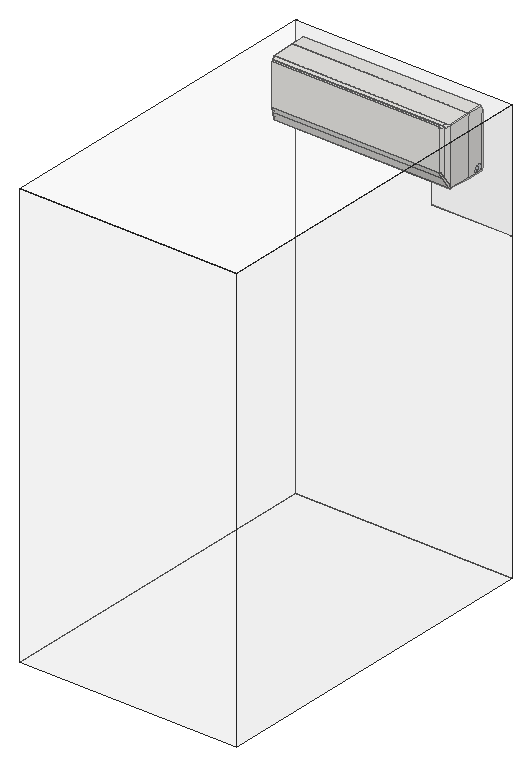
Revit family "pk-rp28la6_112ka22_60hz", category 機械設備, Revit 2023 (continued)
Definition of nested family "pk-rp_la3"
  Automatic sketch dimensions
    Extrusion 1 sketch curve to Extrusion 1 sketch curve = 2.282 mm
    Extrusion 1 sketch curve to Extrusion 1 sketch curve = 1.509 mm
    Extrusion 1 sketch curve to plane 10 "Fkidasi_Z" = 2.669 mm
    Extrusion 1 sketch curve to Extrusion 1 sketch curve = 3.53 mm
    Extrusion 1 sketch curve to Extrusion 1 sketch curve = 0.245 mm
    Extrusion 1 sketch curve to plane 10 "Fkidasi_Z" = 0.212 mm
    Extrusion 1 sketch curve to Extrusion 1 sketch curve = 11.126 mm
    Extrusion 1 sketch curve to Extrusion 1 sketch curve = 11.355 mm
    plane 10 "Fkidasi_Z" to Extrusion 1 sketch curve = 0.239 mm
    Extrusion 1 sketch curve to Extrusion 1 sketch curve = 0.886 mm
    Extrusion 1 sketch curve to Extrusion 1 sketch curve = 14.099 mm
    Extrusion 1 sketch curve to Extrusion 1 sketch curve = 0.981 mm  (x3)
    Extrusion 1 sketch curve to plane 2 = 91.302 mm
    plane 6 "UNDER" to Extrusion 1 sketch curve = 3.179 mm
    Extrusion 1 sketch curve to Extrusion 1 sketch curve = 2.631 mm
    Extrusion 1 sketch curve to Extrusion 1 sketch curve = 10.856 mm
    Extrusion 1 sketch curve to plane 10 "Fkidasi_Z" = 10.968 mm
    Extrusion 1 sketch curve to Extrusion 1 sketch curve = 1.969 mm
    Extrusion 1 sketch curve to plane 10 "Fkidasi_Z" = 1.653 mm
    Extrusion 1 sketch curve to plane 10 "Fkidasi_Z" = 0.674 mm
    Extrusion 1 sketch curve to Extrusion 1 sketch curve = 0.182 mm
    plane 10 "Fkidasi_Z" to Extrusion 1 sketch curve = 19.962 mm
    plane 10 "Fkidasi_Z" to Extrusion 1 sketch curve = 45.88 mm
    Extrusion 1 sketch curve to Extrusion 1 sketch curve = 9.288 mm
    Extrusion 1 sketch curve to Extrusion 1 sketch curve = 1.712 mm
    Extrusion 1 sketch curve to Extrusion 1 sketch curve = 2.453 mm
    Extrusion 1 sketch curve to Extrusion 1 sketch curve = 1.702 mm
    Extrusion 1 sketch curve to Extrusion 1 sketch curve = 0.58 mm
    Extrusion 1 sketch curve to Extrusion 1 sketch curve = 1.434 mm
    Extrusion 1 sketch curve to level = 23.558 mm
    Extrusion 1 sketch curve to Extrusion 1 sketch curve = 8.081 mm
    Extrusion 1 sketch curve to Extrusion 1 sketch curve = 4.288 mm
    Extrusion 1 sketch curve to Extrusion 1 sketch curve = 0.784 mm
    Extrusion 1 sketch curve to Extrusion 1 sketch curve = 0 mm
    Extrusion 1 sketch curve to Extrusion 1 sketch curve = 1.627 mm
    Extrusion 1 sketch curve to Extrusion 1 sketch curve = 0.002 mm
    Extrusion 1 sketch curve to level = 0 mm
    plane 19 to Extrusion 1 sketch curve = 6.097 mm
    Extrusion 1 sketch curve to Extrusion 1 sketch curve = 10.916 mm
    curve 15 to Extrusion 1 = 0 mm
    curve 17 to Extrusion 1 = 0 mm
    curve 20 to Extrusion 1 = 0 mm
    curve 13 to Extrusion 1 = 0 mm
    curve 10 to Extrusion 1 = 0 mm
    curve 8 to Extrusion 1 = 0 mm
    curve 15 to Extrusion 1 = 20 mm
    curve 15 to curve 16 = 8 mm
    curve 19 to Extrusion 1 = 1.466 mm
    curve 21 to Extrusion 1 = 3.034 mm
    curve 21 to curve 17 = 22.703 mm
    curve 14 to curve 9 = 24.618 mm
    curve 10 to curve 14 = 23.733 mm
    curve 10 to curve 12 = 34.286 mm
    curve 9 to Extrusion 1 = 28 mm
    curve 11 to curve 8 = 8 mm
    curve 19 to curve 21 = 11.583 mm
    curve 18 to curve 19 = 23.714 mm
    curve 19 to curve 16 = 19.672 mm
    curve 9 to Extrusion 1 = 35.752 mm
    curve 13 to curve 10 = 10 mm
    curve 13 to curve 11 = 79 mm
    plane 19 to Extrusion 1 sketch curve = 29.248 mm
    curve 6 to Extrusion 1 = 0 mm
    curve 2 to Extrusion 1 = 0 mm
    curve 1 to Extrusion 1 = 0 mm
    curve 2 to Extrusion 1 = 7.8 mm
    curve 1 to Extrusion 1 = 57 mm
    curve 4 to curve 7 = 0 mm
    curve 5 to curve 3 = 8 mm
    curve 3 to curve 7 = 50.624 mm
    curve 7 to curve 6 = 8.376 mm
    curve 7 to curve 3 = 7.895 mm
    curve 24 to Extrusion 1 = 1 mm
    curve 32 to Extrusion 1 = 1.705 mm
    curve 5 to curve 32 = 45 mm
    curve 4 to curve 24 = 48 mm
    curve 32 to Extrusion 1 = 1.664 mm
    curve 2 to Extrusion 1 = 57 mm
    curve 25 to Extrusion 1 = 0 mm
    curve 26 to Extrusion 1 = 0 mm
    curve 30 to Extrusion 1 = 0 mm
    Extrusion 1 to curve 25 = 57 mm
    Extrusion 1 to curve 26 = 7.8 mm
    Extrusion 1 to curve 26 = 57 mm
    curve 31 to curve 28 = 0 mm
    curve 28 to curve 27 = 8 mm
    curve 29 to curve 31 = 50.624 mm
    curve 31 to curve 30 = 8.376 mm
    curve 31 to curve 27 = 7.895 mm
    Extrusion 1 to curve 23 = 1 mm
    Extrusion 1 to curve 22 = 1.664 mm
    Extrusion 1 to curve 22 = 110 mm
    Extrusion 1 to curve 22 = 1.705 mm
    curve 28 to curve 23 = 48 mm
Types (9, lengths in mm): name | 風量_静 (m3/min) | 風量_強 (m3/min) | 風量_弱 (m3/min) | 風量_中 (m3/min) | 風量 | 音響パワーレベル_静 (dB) | 音響パワーレベル_弱 (dB) | 音響パワーレベル_中 (dB) | 音響パワーレベル_強 (dB) | 音響パワーレベル(dB) | 電動機出力_送風機 | 質量 | 壁掛_PK-RP_LA3 | 壁掛_PK-RP_LA1 | 冷媒液管位置-Z | 冷媒液管位置-Y | 冷媒液管位置-X | 冷媒ガス管位置-Z | 冷媒ガス管位置-Y | 冷媒ガス管位置-X | ドレン位置-Z | ドレン位置-Y | ドレン位置-X | URL | Space Top | Space Right_1 | Space Right | Space Left | MIN２風量 | MIN風量 | MID風量 | MAX風量 | 製品質量 | 消費電力_暖房 | 消費電力_冷房 | 消費電力 | 暖房能力 | 冷房能力 | 冷媒管径符号 | 冷媒液管径 | 冷媒ガス管径 | モデル | Width | S_H | Height | Depth | Clearance Top | Clearance Right | Clearance Left
  PK-RP28LA6 | 6.3 | 8.7 | 7.3 | 8 | 522.0 m³/h | 45 | 48 | 50 | 52 | 52 | 0.03 kW | 15.00 kg | no | yes | 280 | 23 | 711 | 268 | 23 | 642 | 274 | 37 | 660 | "https://www.mitsubishielectric.co.jp/ldg/wink/qr/002/364755" | 50 | 260 | 150 | 50 | 378.0 m³/h | 438.0 m³/h | 480.0 m³/h | 522.0 m³/h | 12.50 kg | 0.02 kW | 0.03 kW | 0.03 kW | 2.80 kW | 2.5 kW | "Ac" | 6.35 | 12.7 | "PK-RP28LA6" | 898 | 356 | 299 | 237 | 50 | 150 | 50
  PK-RP40LA6 | 6.8 | 10.7 | 8.2 | 9.4 | 642.0 m³/h | 47 | 51 | 54 | 57 | 57 | 0.03 kW | 15.00 kg | no | yes | 280 | 35 | 711 | 268 | 35 | 642 | 245 | 35 | 660 | "https://www.mitsubishielectric.co.jp/ldg/wink/qr/002/364704" | 50 | 260 | 150 | 50 | 408.0 m³/h | 492.0 m³/h | 564.0 m³/h | 642.0 m³/h | 12.50 kg | 0.03 kW | 0.04 kW | 0.04 kW | 4.00 kW | 3.6 kW | "Ac" | 6.35 | 12.7 | "PK-RP40LA6" | 898 | 356 | 299 | 237 | 50 | 150 | 50
  PK-RP45LA6 | 6.8 | 10.7 | 8.2 | 9.4 | 642.0 m³/h | 48 | 51 | 54 | 57 | 57 | 0.03 kW | 15.00 kg | no | yes | 280 | 35 | 711 | 268 | 35 | 642 | 245 | 35 | 660 | "https://www.mitsubishielectric.co.jp/ldg/wink/qr/002/364756" | 50 | 260 | 150 | 50 | 408.0 m³/h | 492.0 m³/h | 564.0 m³/h | 642.0 m³/h | 12.50 kg | 0.03 kW | 0.04 kW | 0.04 kW | 4.50 kW | 4 kW | "Ac" | 6.35 | 12.7 | "PK-RP45LA6" | 898 | 356 | 299 | 237 | 50 | 150 | 50
  PK-RP50LA6 | 6.8 | 10.7 | 8.2 | 9.4 | 642.0 m³/h | 48 | 51 | 54 | 57 | 57 | 0.03 kW | 15.00 kg | no | yes | 280 | 35 | 711 | 268 | 35 | 642 | 245 | 35 | 660 | "https://www.mitsubishielectric.co.jp/ldg/wink/qr/002/364757" | 50 | 260 | 150 | 50 | 408.0 m³/h | 492.0 m³/h | 564.0 m³/h | 642.0 m³/h | 12.50 kg | 0.03 kW | 0.04 kW | 0.04 kW | 5.00 kW | 4.5 kW | "Ac" | 6.35 | 12.7 | "PK-RP50LA6" | 898 | 356 | 299 | 237 | 50 | 150 | 50
  PK-RP56LA6 | 7.3 | 13.6 | 9.4 | 11.6 | 816.0 m³/h | 49 | 54 | 59 | 63 | 63 | 0.03 kW | 15.00 kg | no | yes | 280 | 35 | 711 | 268 | 35 | 642 | 245 | 35 | 660 | "https://www.mitsubishielectric.co.jp/ldg/wink/qr/002/364758" | 50 | 260 | 150 | 50 | 438.0 m³/h | 564.0 m³/h | 696.0 m³/h | 816.0 m³/h | 12.50 kg | 0.05 kW | 0.06 kW | 0.06 kW | 5.60 kW | 5 kW | "Ac" | 6.35 | 12.7 | "PK-RP56LA6" | 898 | 356 | 299 | 237 | 50 | 150 | 50
  PK-RP63KA22 | 0 | 19 | 16.5 | 17.8 | 1140.0 m³/h | 0 | 53 | 55 | 56 | 56 | 0.056 kW | 24.00 kg | yes | no | 312 | 30 | 636 | 333 | 25 | 567 | 347 | 61 | 719 | "https://www.mitsubishielectric.co.jp/ldg/wink/qr/002/364627" | 48 | 220 | 100.5 | 52.3 | 0.0 m³/h | 990.0 m³/h | 1068.0 m³/h | 1140.0 m³/h | 20.00 kg | 0.06 kW | 0.06 kW | 0.06 kW | 6.30 kW | 5.6 kW | "Ac" | 6.35 | 12.7 | "PK-RP63KA22" | 1170 | 420 | 365 | 295 | 48 | 100.5 | 52.3
  PK-RP71KA22 | 0 | 19 | 16.5 | 17.8 | 1140.0 m³/h | 0 | 53 | 55 | 56 | 56 | 0.056 kW | 25.20 kg | yes | no | 312 | 30 | 636 | 333 | 25 | 567 | 347 | 61 | 719 | "https://www.mitsubishielectric.co.jp/ldg/wink/qr/002/364628" | 48 | 220 | 100.5 | 52.3 | 0.0 m³/h | 990.0 m³/h | 1068.0 m³/h | 1140.0 m³/h | 21.00 kg | 0.06 kW | 0.06 kW | 0.06 kW | 7.10 kW | 6.3 kW | "Bd" | 9.52 | 15.88 | "PK-RP71KA22" | 1170 | 420 | 365 | 295 | 48 | 100.5 | 52.3
  PK-RP80KA22 | 0 | 23 | 17 | 20 | 1380.0 m³/h | 0 | 53 | 57 | 61 | 61 | 0.056 kW | 25.20 kg | yes | no | 312 | 30 | 636 | 333 | 25 | 567 | 347 | 61 | 719 | "https://www.mitsubishielectric.co.jp/ldg/wink/qr/002/364629" | 48 | 220 | 100.5 | 52.3 | 0.0 m³/h | 1020.0 m³/h | 1200.0 m³/h | 1380.0 m³/h | 21.00 kg | 0.07 kW | 0.07 kW | 0.07 kW | 8.00 kW | 7.1 kW | "Bd" | 9.52 | 15.88 | "PK-RP80KA22" | 1170 | 420 | 365 | 295 | 48 | 100.5 | 52.3
  PK-RP112KA22 | 0 | 25 | 17 | 21 | 1500.0 m³/h | 0 | 56 | 61 | 66 | 66 | 0.056 kW | 25.20 kg | yes | no | 312 | 30 | 636 | 333 | 25 | 567 | 347 | 61 | 719 | "https://www.mitsubishielectric.co.jp/ldg/wink/qr/002/364630" | 48 | 220 | 100.5 | 52.3 | 0.0 m³/h | 1020.0 m³/h | 1260.0 m³/h | 1500.0 m³/h | 21.00 kg | 0.07 kW | 0.07 kW | 0.07 kW | 11.20 kW | 10 kW | "Bd" | 9.52 | 15.88 | "PK-RP112KA22" | 1170 | 420 | 365 | 295 | 48 | 100.5 | 52.3
